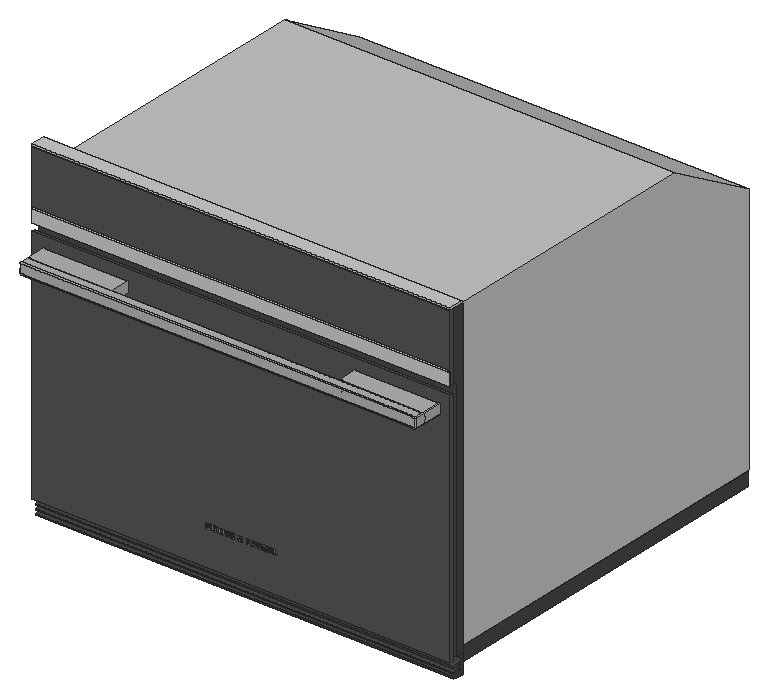
Revit family "FP_Revit_18_OS24NDB1_w_TK480NDB1_Steam_Oven_w_24in_Trimkit_90000815A", category Specialty Equipment, Revit 2018
Family settings
  Round Connector Dimension = Use Diameter
  Part Type = Normal
  OmniClass Number = 23.40.40.14.17.31
  OmniClass Title = Small Specialized Cooking Equipment
  Work Plane-Based = No
  Always vertical = Yes
  Cut with Voids When Loaded = Yes
  Shared = No
  Room Calculation Point = No
Parameters (values of type "OS24NDB1 + TK480NDB1")
  Visibility - Clearance Required = yes
  URL = "www.fisherpaykel.com"
  Product - Width = 596 mm  # constant formula
  Product - Height = 478 mm  # constant formula
  Product - Depth = 614 mm  # constant formula
  Model = "OS24NDB1 + TK480NDB1"
  Material - Trim = Fisher & Paykel - Stainless Steel
  Material - Structure = Fisher & Paykel - Black
  Material - Handle = Fisher & Paykel - Aluminium
  Material - Glass = Fisher & Paykel - Glass, Black
  Material - Body = Fisher & Paykel - Grey
  Manufacturer = "Fisher & Paykel Appliances"
  FFL Offset [instance] = 900 mm
  Description = "24\" Steam Oven + 24\" Trimkit"
  Connector Description - Electrical = "208 V or 240 V, 60 Hz, 10.8 or 12.5 A"
  Chassis - Width = 560 mm  # constant formula
  Chassis - Height = 466 mm  # constant formula
  Chassis - Depth = 542 mm  # constant formula
  Cavity - Width = 560 mm  # constant formula
  Cavity - Height = 480 mm  # constant formula
  Cavity - Depth = 560 mm  # constant formula
Reference planes
  plane 1 "Datum": y = 0
  plane 2: z = 0
  plane 3 "Center (Left/Right)": x = 0
  plane 4: z = 1380
  plane 5: z = 1378
  plane 6 "Product LHS": x = -298
  plane 7 "Product RHS": x = 298
  plane 8 "Product - Depth": y = 0
  plane 9 "Cavity LHS": x = -300
  plane 10 "Cavity RHS": x = 300
  plane 11 "Cavity - Depth": y = 560
  plane 12 "Chassis - Height": z = 0
  plane 13 "Product Depth": y = 542
  plane 14 "FFL Offset": z = 900
  plane 15 "Front": y = -22
Forms (mm)
  Extrusion 1, void
    sketch origin (0, 0, 0) x (0, 1, 0) y (0, 0, 1)
      loop
        line (-22, 1380) -> (-22, 900) -> (0, 900) -> (0, 1380) -> (-22, 1380)
    from -300 to 300
  Extrusion 2, void
    sketch origin (0, 0, 0) x (0, 1, 0) y (0, 0, 1)
      loop
        line (560, 1380) -> (0, 1380) -> (0, 900) -> (560, 900) -> (560, 1380)
    from -280 to 280
Text (mm)
  text "Due to ongoing product development, product details are subject to change without notice. \nPlease always refer to www.fisherpaykel.com for the most current product information. \n© Fisher & Paykel 2020" at (41.04, -413.295, 0), in view "Ref. Level (Plan)"
Dimensions and locks
  equal spacing: plane 6 "Product LHS", plane 3 "Center (Left/Right)", plane 7 "Product RHS"
  "Product - Width": plane 6 "Product LHS" to plane 7 "Product RHS"
  equal spacing: plane 9 "Cavity LHS", plane 3 "Center (Left/Right)", plane 10 "Cavity RHS"
  locked: plane 9 "Cavity LHS" to plane 10 "Cavity RHS" at 600
  "Chassis - Depth": plane 1 "Datum" to plane 13 "Product Depth"
  "FFL Offset": plane 14 "FFL Offset" to level
  "Cavity - Depth": plane 1 "Datum" to plane 11 "Cavity - Depth"
  "Product - Height": plane 5 to plane 14 "FFL Offset"
  "Cavity - Height": plane 4 to plane 14 "FFL Offset"
  "Cavity - Width": Extrusion 2 to Extrusion 2
  aligned and locked: level to plane 2
  aligned and locked: nested 2 to plane 8 "Product - Depth"
  aligned and locked: Extrusion 1 sketch curve to plane 8 "Product - Depth"
  aligned and locked: plane 14 "FFL Offset" to Extrusion 1 sketch curve
  aligned and locked: Extrusion 1 sketch curve to plane 4
  aligned and locked: Extrusion 1 to plane 10 "Cavity RHS"
  aligned and locked: plane 9 "Cavity LHS" to Extrusion 1
  aligned and locked: Extrusion 2 sketch curve to plane 8 "Product - Depth"
  aligned and locked: Extrusion 2 sketch curve to plane 14 "FFL Offset"
  aligned and locked: plane 11 "Cavity - Depth" to Extrusion 2 sketch curve
  aligned and locked: Extrusion 2 sketch curve to nested 2
  aligned and locked: nested 1 to plane 8 "Product - Depth"
  aligned and locked: Extrusion 1 to nested 1
  aligned and locked: plane 15 "Front" to Extrusion 1
Automatic sketch dimensions
  Extrusion 1 sketch curve to Extrusion 1 sketch curve = 22 mm
Nested families
  nested 1: "FP_Revit_18_OS24NDB1_Steam_Oven_90000815A" at (0, 0, 20), FFL Offset <- "FFL Offset", type "OS24NDB1"
    with FFL Offset 900 mm
  nested 2: "FP_Revit_18_TK480ND_Trimkits_90001188A" at (0, 0, 0), FFL Offset <- "FFL Offset", type "TK480NDB1"
    with FFL Offset 900 mm
Connectors
  electrical at (-193.854, 548.619, 959.454), driven by "Connector Description - Electrical"
    settings: on nested 1, index 1, voltage 120 V, apparent load 0 VA, apparent load phase1 0 VA, apparent load phase2 0 VA, apparent load phase3 0 VA, power factor 1, load classification "Other", number of poles 1, system type 30, power factor state 1, is connector primary yes, connector utility no, sub classification motor no, connector description "208 V or 240 V, 60 Hz, 10.8 or 12.5 A"
Definition of nested family "FP_Revit_18_OS24NDB1_Steam_Oven_90000815A"
  Parameters (values of type "OM24NDBB1")
    Visibility - Clearance Required = yes
    URL = "www.fisherpaykel.com"
    Product - Width = 596 mm  # constant formula
    Product - Height = 458 mm  # constant formula
    Product - Depth = 562 mm  # constant formula
    Model = "OM24NDBB1"
    Material - Trim = none
    Material - Structure = none
    Material - Handle = none
    Material - Glass = none
    Material - Body = none
    Manufacturer = "Fisher & Paykel Appliances"
    FFL Offset [instance] = 900 mm
    Description = "24\" Microwave Oven"
    Connector Description - Electrical = "120/240 V or 12/208 V, 60 Hz, 13 or 14 A"
    Chassis - Width = 556 mm  # constant formula
    Chassis - Height = 446 mm  # constant formula
    Chassis - Depth = 540 mm  # constant formula
    Cavity - Width = 600 mm  # constant formula
    Cavity - Height = 460 mm  # constant formula
    Cavity - Depth = 560 mm  # constant formula
  Types (4, lengths in mm): name | Model | Description | Connector Description - Electrical
    OS24NDB1 | "OS24NDB1" | "24\" Steam Oven" | "208 V or 240 V, 60 Hz, 10.8 or 12.5 A"
    OM24NDB1 | "OM24NDB1" | "24\" Microwave Oven" | "120/240 V or 12/208 V, 60 Hz, 13 or 14 A"
    OM24NDBB1 | "OM24NDBB1" | "24\" Microwave Oven" | "120/240 V or 12/208 V, 60 Hz, 13 or 14 A"
    OS24NDBB1 | "OS24NDBB1" | "24\" Steam Oven" | "208 V or 240 V, 60 Hz, 10.8 or 12.5 A"
  Reference planes
    plane 1 "Center (Front/Back)": y = 0
    plane 2: z = 0
    plane 3 "Center (Left/Right)": x = 0
    plane 4: z = 1360
    plane 5: z = 1358
    plane 6 "Product LHS": x = -298
    plane 7 "Product RHS": x = 298
    plane 8 "Product - Depth": y = 0
    plane 9 "Cavity LHS": x = -300
    plane 10 "Cavity RHS": x = 300
    plane 11 "Cavity - Depth": y = 560
    plane 12 "Front Face": y = -22
    plane 13 "Chassis - Height": z = 0
    plane 14 "Product Depth": y = 540
    plane 15 "FFL Offset": z = 900
  Forms (mm)
    Extrusion 1, solid, material <- "Material - Body"
      sketch origin (0, 0, 0) x (0, 1, 0) y (0, 0, 1)
        loop
          line (0, 1346) -> (0, 907.28) -> (5.16, 907.28) -> (5.16, 900) -> (534.187, 900) -> (534.187, 1257.991) -> (403.295, 1336.64) -> (24.316, 1336.64) -> (8.71, 1346) -> (0, 1346)
      from -278 to 278
    Extrusion 2, solid, material <- "Material - Structure", detail levels fine
      sketch origin (0, 0, 0) x (0, 1, 0) y (0, 0, 1)
        loop
          line (0, 1353.9) -> (-2, 1353.9) -> (-2, 1355) -> (-18, 1355) -> (-18, 1258) -> (-9.89, 1258) -> (-9.89, 907.28) -> (0, 907.28) -> (0, 1353.9)
      from -298 to 298
    Extrusion 3, solid, material <- "Material - Trim", detail levels fine
      sketch origin (0, 0, 0) x (0, 1, 0) y (0, 0, 1)
        loop
          line (-22, 1358) -> (-22, 1355) -> (-2, 1355) -> (-2, 1358) -> (-22, 1358)
      from -298 to 298
    Extrusion 4, solid, material <- "Material - Glass", detail levels fine
      sketch origin (0, 0, 0) x (0, 1, 0) y (0, 0, 1)
        loop
          line (-18, 1355) -> (-20.262, 1355)
          arc (-20.262, 1355) -> (-21.236, 1354.682) -> (-22, 1354) r 2.5
          line (-22, 1354) -> (-22, 1258) -> (-18, 1258) -> (-18, 1355)
      from -298 to 298
    Extrusion 5, solid, material <- "Material - Glass", detail levels fine
      sketch origin (0, 0, 0) x (0, 1, 0) y (0, 0, 1)
        loop
          line (-22, 1246.53) -> (-22, 904.53) -> (-18, 904.53) -> (-18, 1246.53) -> (-22, 1246.53)
      from -298 to 298
    Extrusion 6, solid, material <- "Material - Structure", detail levels fine
      sketch origin (0, 0, 0) x (0, 1, 0) y (0, 0, 1)
        loop
          line (-18, 1229.33) -> (-18, 907.28) -> (-9.89, 907.28) -> (-9.89, 1229.33) -> (-18, 1229.33)
      from -278 to 278
    Extrusion 7, void
      sketch origin (0, 0, 0) x (1, 0, 0) y (0, 0, 1)
        loop
          line (-158.462, 1052.91) -> (-229.24, 1052.91)
          arc (-229.24, 1052.91) -> (-232.776, 1051.446) -> (-234.24, 1047.91) r 5
          line (-234.24, 1047.91) -> (-234.24, 955.13)
          arc (-234.24, 955.13) -> (-232.776, 951.594) -> (-229.24, 950.13) r 5
          line (-229.24, 950.13) -> (-158.462, 950.13)
          arc (-158.462, 950.13) -> (-154.926, 951.594) -> (-153.462, 955.13) r 5
          line (-153.462, 955.13) -> (-153.462, 1047.91)
          arc (-153.462, 1047.91) -> (-154.926, 1051.446) -> (-158.462, 1052.91) r 5
      from -539.6 to -521.6
    Sweep 8, void
      path in 3D
        loop
          arc (-153.462, 521.6, 955.13) -> (-154.926, 521.6, 951.594) -> (-158.462, 521.6, 950.13) r 5
          line (-158.462, 521.6, 950.13) -> (-229.24, 521.6, 950.13)
          arc (-229.24, 521.6, 950.13) -> (-232.776, 521.6, 951.594) -> (-234.24, 521.6, 955.13) r 5
          line (-234.24, 521.6, 955.13) -> (-234.24, 521.6, 1047.91)
          arc (-234.24, 521.6, 1047.91) -> (-232.776, 521.6, 1051.446) -> (-229.24, 521.6, 1052.91) r 5
          line (-229.24, 521.6, 1052.91) -> (-158.462, 521.6, 1052.91)
          arc (-158.462, 521.6, 1052.91) -> (-154.926, 521.6, 1051.446) -> (-153.462, 521.6, 1047.91) r 5
          line (-153.462, 521.6, 1047.91) -> (-153.462, 521.6, 955.13)
      profile origin (-153.462, 521.6, 1001.52) x (-1, 0, 0) y (0, -1, 0)
        loop
          line (0, 0) -> (-21.3, -12.587) -> (0, -12.587) -> (0, 0)
    Extrusion 9, solid, material <- "Material - Body", detail levels medium+fine
      sketch origin (0, 0, -100) x (1, 0, 0) y (0, 0, 1)
        loop
          line (-175.354, 1115.273) -> (-212.354, 1115.273) -> (-212.354, 1057.273) -> (-175.354, 1057.273) -> (-175.354, 1115.273)
      from -540 to -521.6
    Extrusion 10, solid, material <- "Material - Trim", detail levels fine
      sketch origin (0, 0, 0) x (0, 1, 0) y (0, 0, 1)
        loop
          line (-22, 1258) -> (-22, 1277.8) -> (-22.8, 1277.8) -> (-23.7, 1275.5) -> (-23.7, 1258) -> (-22, 1258)
      from -298 to 298
    Extrusion 11, solid, visible <- "Visibility - Clearance Required", detail levels coarse
      sketch origin (0, 0, 0) x (1, 0, 0) y (0, 1, 0)
        loop
          line (-280, 0) -> (280, 0) -> (280, 548.619) -> (-280, 548.619) -> (-280, 0)
      from 900 to 1360
    Extrusion 12, solid, visible <- "Visibility - Clearance Required", detail levels coarse
      sketch origin (0, 0, 0) x (0, 1, 0) y (0, 0, 1)
        loop
          arc (-22, 1246.53) -> (-241.159, 1161.206) -> (-341.563, 948.532) r 317.644
          line (-341.563, 948.532) -> (-326.406, 946.445) -> (-332.106, 905.048) -> (-316.871, 902.951) -> (-311.171, 944.347) -> (-22, 904.53) -> (-22, 900) -> (0, 900) -> (0, 1360) -> (-22, 1360) -> (-22, 1246.53)
      from -300 to 300
    Sweep 13, solid, material <- "Material - Body", detail levels fine
      path origin (0, 0, -100) x (0, 1, 0) y (0, 0, 1)
        loop
          arc (530.8, 1057.273) -> (536.019, 1044.673) -> (548.619, 1039.454) r 17.819
      profile origin (0, 536.019, 944.673) x (0, 0.707107, 0.707107) y (1, 0, 0)
        loop
          circle (0, -193.854) r 5
    Extrusion 14, solid, material <- "Material - Glass", detail levels coarse+medium
      sketch origin (0, 0, 0) x (0, 1, 0) y (0, 0, 1)
        loop
          line (-22, 1358) -> (-22, 1258) -> (-9.89, 1258) -> (-9.89, 1229.33) -> (-18, 1229.33) -> (-18, 1246.53) -> (-22, 1246.53) -> (-22, 904.53) -> (-18, 904.53) -> (-18, 907.28) -> (0, 907.28) -> (0, 1353.9) -> (-2, 1353.9) -> (-2, 1358) -> (-22, 1358)
      from -298 to 298
    Extrusion 15, solid, material <- "Material - Body", not visible, detail levels medium+fine
      sketch origin (0, 0, 0) x (1, 0, 0) y (0, 0, 1)
        loop
          line (-175.354, 1115.273) -> (-212.354, 1115.273) -> (-212.354, 1057.273) -> (-175.354, 1057.273) -> (-175.354, 1115.273)
      from -540 to -521.6
    Sweep 16, solid, material <- "Material - Body", not visible, detail levels fine
      path origin (0, 0, 0) x (0, 1, 0) y (0, 0, 1)
        loop
          arc (530.8, 1057.273) -> (536.019, 1044.673) -> (548.619, 1039.454) r 17.819
      profile origin (0, 536.019, 1044.673) x (0, 0.707107, 0.707107) y (1, 0, 0)
        loop
          circle (0, -193.854) r 5
    Extrusion 17, void
      sketch origin (0, 0, 0) x (1, 0, 0) y (0, 1, 0)
        loop
          line (-280, 0) -> (280, 0) -> (280, 548.619) -> (-280, 548.619) -> (-280, 0)
      from 900 to 1360
    Extrusion 18, solid, visible <- "Visibility - Clearance Required", detail levels coarse
      sketch origin (0, 0, 0) x (0, 1, 0) y (0, 0, 1)
        loop
          arc (-22, 1246.53) -> (-241.159, 1161.206) -> (-341.563, 948.532) r 317.644
          line (-341.563, 948.532) -> (-326.406, 946.445) -> (-332.106, 905.048) -> (-316.871, 902.951) -> (-311.171, 944.347) -> (-22, 904.53) -> (-22, 900) -> (0, 900) -> (0, 1360) -> (-22, 1360) -> (-22, 1246.53)
      from -300 to 300
    Extrusion 19, void
      sketch origin (0, 0, 0) x (0, 1, 0) y (0, 0, 1)
        loop
          line (-22, 1360) -> (-22, 900) -> (0, 900) -> (0, 1360) -> (-22, 1360)
      from -300 to 300
  Cuts and joins
    Extrusion 7, Sweep 8 cuts Extrusion 1
    Extrusion 7 cuts Extrusion 2
    Extrusion 7 cuts Extrusion 5
    Extrusion 7 cuts Extrusion 6
  Lines and regions (mm)
    sketch lines
      curve 1: line (-153.462, 521.6, 1047.91) -> (-153.462, 521.6, 955.13)
      curve 2: arc (-153.462, 521.6, 1047.91) -> (-154.926, 521.6, 1051.446) -> (-158.462, 521.6, 1052.91) r 5
      curve 3: line (-229.24, 521.6, 1052.91) -> (-158.462, 521.6, 1052.91)
      curve 4: arc (-229.24, 521.6, 1052.91) -> (-232.776, 521.6, 1051.446) -> (-234.24, 521.6, 1047.91) r 5
      curve 5: line (-234.24, 521.6, 955.13) -> (-234.24, 521.6, 1047.91)
      curve 6: arc (-234.24, 521.6, 955.13) -> (-232.776, 521.6, 951.594) -> (-229.24, 521.6, 950.13) r 5
      curve 7: arc (-158.462, 521.6, 950.13) -> (-154.926, 521.6, 951.594) -> (-153.462, 521.6, 955.13) r 5
      curve 8: line (-158.462, 521.6, 950.13) -> (-229.24, 521.6, 950.13)
  Text (mm)
    text "Due to ongoing product development, product details are subject to change without notice. \nPlease always refer to www.fisherpaykel.com for the most current product information. \n© Fisher & Paykel 2020" at (41.04, -413.295, 0), in view "Ref. Level (Plan)"
  Dimensions and locks
    equal spacing: plane 6 "Product LHS", plane 3 "Center (Left/Right)", plane 7 "Product RHS"
    "Product - Width": plane 6 "Product LHS" to plane 7 "Product RHS"
    equal spacing: plane 9 "Cavity LHS", plane 3 "Center (Left/Right)", plane 10 "Cavity RHS"
    "Cavity - Width": plane 9 "Cavity LHS" to plane 10 "Cavity RHS"
    "Cavity - Depth": plane 11 "Cavity - Depth" to plane 1 "Center (Front/Back)"
    locked: plane 12 "Front Face" to plane 1 "Center (Front/Back)" at 22
    "Chassis - Depth": plane 1 "Center (Front/Back)" to plane 14 "Product Depth"
    Extrusion 1 sketch curve to plane 14 "Product Depth" = 5.813 mm
    equal spacing: cut or joined group of Extrusion 1, Extrusion 7, Sweep 8, plane 3 "Center (Left/Right)", cut or joined group of Extrusion 1, Extrusion 7, Sweep 8
    "Chassis - Width": cut or joined group of Extrusion 1, Extrusion 7, Sweep 8 to cut or joined group of Extrusion 1, Extrusion 7, Sweep 8
    "FFL Offset": plane 15 "FFL Offset" to level
    locked: nested 2 to plane 15 "FFL Offset" at 61.04
    locked: cut or joined group of Extrusion 1, Extrusion 7, Sweep 8 to plane 15 "FFL Offset" at 7.28
    locked: Extrusion 14 to plane 15 "FFL Offset" at 4.53
    locked: cut or joined group of Extrusion 1, Extrusion 7, Sweep 8 to plane 15 "FFL Offset" at 436.64
    "Chassis - Height": cut or joined group of Extrusion 1, Extrusion 7, Sweep 8 to plane 15 "FFL Offset"
    Extrusion 11 to plane 15 "FFL Offset" = 460 mm
    locked: plane 15 "FFL Offset" to Extrusion 9 at 57.273
    locked: plane 15 "FFL Offset" to cut or joined group of Extrusion 1, Extrusion 7, Sweep 8 at 50.13
    "Product - Height": plane 5 to plane 15 "FFL Offset"
    "Cavity - Height": plane 4 to plane 15 "FFL Offset"
    locked: nested 1 to plane 15 "FFL Offset" at 330.978
    locked: plane 5 to Extrusion 14 at 100
    locked: plane 5 to Extrusion 14 at 111.47
    locked: Extrusion 12 sketch curve to plane 15 "FFL Offset" at 4.53
    locked: plane 15 "FFL Offset" to Extrusion 7 sketch curve at 152.91
    locked: plane 15 "FFL Offset" to Extrusion 7 sketch curve at 50.13
    aligned and locked: level to plane 2
    aligned and locked: Extrusion 3 sketch curve to plane 5
    aligned and locked: plane 6 "Product LHS" to Extrusion 5
    aligned and locked: Extrusion 5 to plane 7 "Product RHS"
    aligned and locked: Extrusion 4 to plane 7 "Product RHS"
    aligned and locked: plane 6 "Product LHS" to Extrusion 4
    aligned and locked: plane 6 "Product LHS" to Extrusion 3
    aligned and locked: Extrusion 3 to plane 7 "Product RHS"
    aligned and locked: plane 6 "Product LHS" to Extrusion 2
    aligned and locked: Extrusion 2 to plane 7 "Product RHS"
    aligned and locked: plane 14 "Product Depth" to Extrusion 9
    aligned and locked: cut or joined group of Extrusion 1, Extrusion 7, Sweep 8 to Extrusion 9
    aligned and locked: Extrusion 10 to plane 7 "Product RHS"
    aligned and locked: plane 6 "Product LHS" to Extrusion 10
    aligned and locked: Extrusion 14 to plane 7 "Product RHS"
    aligned and locked: plane 6 "Product LHS" to Extrusion 14
    aligned and locked: Extrusion 1 to plane 15 "FFL Offset"
    aligned and locked: Extrusion 11 to cut or joined group of Extrusion 1, Extrusion 7, Sweep 8
    aligned and locked: Extrusion 14 to cut or joined group of Extrusion 1, Extrusion 7, Sweep 8
    aligned and locked: Extrusion 2 to cut or joined group of Extrusion 1, Extrusion 7, Sweep 8
    aligned and locked: Extrusion 6 to cut or joined group of Extrusion 1, Extrusion 7, Sweep 8
    aligned and locked: plane 5 to Extrusion 3
    aligned and locked: plane 5 to Extrusion 14
    aligned and locked: Extrusion 10 to Extrusion 4
    aligned and locked: Extrusion 14 to Extrusion 4
    aligned and locked: Extrusion 4 to cut or joined group of Extrusion 2, Extrusion 7
    aligned and locked: Extrusion 5 to Extrusion 14  (x2)
    aligned and locked: plane 4 to Extrusion 11
    aligned and locked: Extrusion 11 to Sweep 13
    aligned and locked: Extrusion 12 sketch curve to plane 15 "FFL Offset"
    aligned and locked: Extrusion 12 sketch curve to plane 4
    aligned and locked: plane 4 to Extrusion 17
    aligned and locked: Extrusion 17 to cut or joined group of Extrusion 1, Extrusion 7, Sweep 8
    aligned and locked: plane 15 "FFL Offset" to Extrusion 19 sketch curve
    aligned and locked: Extrusion 19 sketch curve to plane 4
  Automatic sketch dimensions
    Extrusion 9 sketch curve to Extrusion 9 sketch curve = 37 mm
    Extrusion 9 sketch curve to Extrusion 9 sketch curve = 58 mm
    Sweep 13 sketch curve to profile plane = 0 mm
    Sweep 13 sketch curve to Sweep 13 sketch curve = 17.819 mm
    Sweep 13 sketch curve to profile plane = 193.854 mm
    Extrusion 15 sketch curve to Extrusion 15 sketch curve = 37 mm
    Extrusion 15 sketch curve to Extrusion 15 sketch curve = 58 mm
    Sweep 16 sketch curve to profile plane = 0 mm
    Sweep 16 sketch curve to Sweep 16 sketch curve = 17.819 mm
    Sweep 16 sketch curve to profile plane = 193.854 mm
    Extrusion 1 sketch curve to plane 1 "Center (Front/Back)" = 0 mm
    Extrusion 1 sketch curve to plane 15 "FFL Offset" = 0 mm
    Extrusion 1 sketch curve to plane 1 "Center (Front/Back)" = 5.16 mm
    Extrusion 1 sketch curve to Extrusion 1 sketch curve = 8.71 mm
    Extrusion 1 sketch curve to Extrusion 1 sketch curve = 15.606 mm
    Extrusion 1 sketch curve to plane 5 = 21.36 mm
    Extrusion 1 sketch curve to plane 14 "Product Depth" = 136.705 mm
    Extrusion 1 sketch curve to Extrusion 1 sketch curve = 7.28 mm
    Extrusion 1 sketch curve to plane 5 = 100.009 mm
    Extrusion 1 sketch curve to plane 5 = 12 mm
    Extrusion 2 sketch curve to plane 1 "Center (Front/Back)" = 0 mm
    plane 1 "Center (Front/Back)" to Extrusion 2 sketch curve = 2 mm
    plane 1 "Center (Front/Back)" to Extrusion 2 sketch curve = 9.89 mm
    plane 12 "Front Face" to Extrusion 2 sketch curve = 4 mm
    plane 15 "FFL Offset" to Extrusion 2 sketch curve = 7.28 mm
    Extrusion 2 sketch curve to plane 5 = 100 mm
    Extrusion 2 sketch curve to plane 5 = 4.1 mm
    Extrusion 2 sketch curve to Extrusion 2 sketch curve = 1.1 mm
    Extrusion 3 sketch curve to plane 12 "Front Face" = 0 mm
    plane 1 "Center (Front/Back)" to Extrusion 3 sketch curve = 2 mm
    Extrusion 3 sketch curve to plane 5 = 3 mm
    Extrusion 4 sketch curve to plane 12 "Front Face" = 0 mm
    plane 12 "Front Face" to Extrusion 4 sketch curve = 1.738 mm
    plane 12 "Front Face" to Extrusion 4 sketch curve = 2.011 mm
    plane 12 "Front Face" to Extrusion 4 sketch curve = 4 mm
    Extrusion 4 sketch curve to plane 5 = 100 mm
    Extrusion 4 sketch curve to plane 5 = 5.485 mm
    Extrusion 4 sketch curve to Extrusion 4 sketch curve = 1.485 mm
    Extrusion 5 sketch curve to plane 12 "Front Face" = 0 mm
    plane 12 "Front Face" to Extrusion 5 sketch curve = 4 mm
    plane 15 "FFL Offset" to Extrusion 5 sketch curve = 4.53 mm
    Extrusion 5 sketch curve to plane 5 = 111.47 mm
    plane 12 "Front Face" to Extrusion 6 sketch curve = 4 mm
    Extrusion 6 sketch curve to Extrusion 6 sketch curve = 8.11 mm
    plane 15 "FFL Offset" to Extrusion 6 sketch curve = 7.28 mm
    Extrusion 6 sketch curve to plane 5 = 128.67 mm
    Extrusion 7 sketch curve to plane 6 "Product LHS" = 63.76 mm
    Extrusion 7 sketch curve to Extrusion 7 sketch curve = 5 mm  (x3)
    Extrusion 7 sketch curve to Extrusion 7 sketch curve = 70.778 mm  (x2)
    Sweep 8 sketch curve to profile plane = 0 mm  (x2)
    Sweep 8 sketch curve to profile plane = 21.3 mm
    profile plane to Sweep 8 sketch curve = 12.587 mm
    Extrusion 10 sketch curve to plane 12 "Front Face" = 0 mm
    Extrusion 10 sketch curve to Extrusion 10 sketch curve = 0.8 mm
    Extrusion 10 sketch curve to plane 12 "Front Face" = 1.7 mm
    Extrusion 10 sketch curve to plane 5 = 100 mm
    Extrusion 10 sketch curve to Extrusion 10 sketch curve = 17.5 mm
    Extrusion 10 sketch curve to Extrusion 10 sketch curve = 2.3 mm
    plane 1 "Center (Front/Back)" to Extrusion 11 sketch curve = 0 mm
    plane 14 "Product Depth" to Extrusion 11 sketch curve = 8.619 mm
    Extrusion 11 sketch curve to plane 6 "Product LHS" = 18 mm
    plane 7 "Product RHS" to Extrusion 11 sketch curve = 18 mm
    Extrusion 12 sketch curve to plane 12 "Front Face" = 0 mm  (x2)
    Extrusion 12 sketch curve to plane 1 "Center (Front/Back)" = 0 mm
    Extrusion 12 sketch curve to plane 12 "Front Face" = 2.526 mm
    plane 15 "FFL Offset" to Extrusion 12 sketch curve = 44.347 mm
    Extrusion 12 sketch curve to Extrusion 12 sketch curve = 286.644 mm
    plane 15 "FFL Offset" to Extrusion 12 sketch curve = 2.951 mm
    plane 15 "FFL Offset" to Extrusion 12 sketch curve = 46.445 mm
    Extrusion 12 sketch curve to Extrusion 12 sketch curve = 15.235 mm
    plane 15 "FFL Offset" to Extrusion 12 sketch curve = 48.532 mm
    Extrusion 12 sketch curve to Extrusion 12 sketch curve = 24.366 mm
    Extrusion 14 sketch curve to plane 5 = 0 mm
    Extrusion 14 sketch curve to plane 12 "Front Face" = 0 mm  (x2)
    Extrusion 14 sketch curve to plane 1 "Center (Front/Back)" = 0 mm
    plane 12 "Front Face" to Extrusion 14 sketch curve = 4 mm  (x2)
    plane 1 "Center (Front/Back)" to Extrusion 14 sketch curve = 9.89 mm
    plane 1 "Center (Front/Back)" to Extrusion 14 sketch curve = 2 mm
    Extrusion 14 sketch curve to plane 5 = 4.1 mm
    Extrusion 14 sketch curve to Extrusion 14 sketch curve = 95.9 mm
    Extrusion 14 sketch curve to Extrusion 14 sketch curve = 11.47 mm
    Extrusion 14 sketch curve to Extrusion 14 sketch curve = 17.2 mm
    plane 15 "FFL Offset" to Extrusion 14 sketch curve = 7.28 mm
    Extrusion 14 sketch curve to Extrusion 14 sketch curve = 2.75 mm
    plane 1 "Center (Front/Back)" to Extrusion 17 sketch curve = 0 mm
    plane 14 "Product Depth" to Extrusion 17 sketch curve = 8.619 mm
    Extrusion 17 sketch curve to plane 6 "Product LHS" = 18 mm
    plane 7 "Product RHS" to Extrusion 17 sketch curve = 18 mm
    Extrusion 18 sketch curve to plane 12 "Front Face" = 0 mm  (x2)
    Extrusion 18 sketch curve to plane 1 "Center (Front/Back)" = 0 mm
    Extrusion 18 sketch curve to plane 15 "FFL Offset" = 0 mm
    Extrusion 18 sketch curve to plane 4 = 0 mm
    Extrusion 18 sketch curve to plane 12 "Front Face" = 2.526 mm
    plane 15 "FFL Offset" to Extrusion 18 sketch curve = 44.347 mm
    Extrusion 18 sketch curve to Extrusion 18 sketch curve = 286.644 mm
    plane 15 "FFL Offset" to Extrusion 18 sketch curve = 2.951 mm
    Extrusion 18 sketch curve to Extrusion 18 sketch curve = 5.7 mm
    plane 15 "FFL Offset" to Extrusion 18 sketch curve = 46.445 mm
    Extrusion 18 sketch curve to Extrusion 18 sketch curve = 15.235 mm
    plane 15 "FFL Offset" to Extrusion 18 sketch curve = 48.532 mm
    Extrusion 18 sketch curve to Extrusion 18 sketch curve = 24.366 mm
    Extrusion 19 sketch curve to plane 12 "Front Face" = 0 mm
    Extrusion 19 sketch curve to plane 1 "Center (Front/Back)" = 0 mm
    radius of Sweep 13 sketch curve = 5 mm
    radius of Sweep 16 sketch curve = 5 mm
  Nested families
    nested 1: "F&P Handle Contemporary Square OB60-24" at (0, -22, 1223), type "Aluminium"
    nested 2: "F&P Logo 100mm" at (0, -22, 955), type "F&P Logo 100mm"
  Connectors
    electrical at (-193.854, 548.619, 939.454), driven by "Connector Description - Electrical"
      settings: on Sweep 13, index 1, voltage 120 V, apparent load 0 VA, apparent load phase1 0 VA, apparent load phase2 0 VA, apparent load phase3 0 VA, power factor 1, load classification none, number of poles 1, system type 30, power factor state 1, is connector primary yes, connector utility no, sub classification motor no, connector description "120/240 V or 12/208 V, 60 Hz, 13 or 14 A"
  Definition of nested family "F&P Handle Contemporary Square OB60-24"
    Parameters (values of type "Aluminium Dark")
      URL = "www.fisherpaykel.com"
      Material - Handle = none
      Manufacturer = "Fisher & Paykel Appliances"
      Handle - Length = 565 mm
    Types (2): name
      Aluminium
      Aluminium Dark
    Reference planes
      plane 1 "Center (Front/Back)": y = 0
      plane 2: z = 0
      plane 3 "Center (Left/Right)": x = 0
      plane 4 "Product LHS": x = -282.5
      plane 5 "Product RHS": x = 282.5
      plane 6 "LHS Standoff": x = -162.495
      plane 7 "RHS Standoff": x = 162.505
    Forms (mm)
      Extrusion 1, solid, material <- "Material - Handle", detail levels fine
        sketch origin (0, 0, 0) x (0, 1, 0) y (0, 0, 1)
          loop
            arc (-28.701, 7.561) -> (-29.057, 7.868) -> (-29.514, 7.978) r 1
            line (-29.514, 7.978) -> (-40.5, 7.978)
            arc (-40.5, 7.978) -> (-41.561, 7.539) -> (-42, 6.478) r 1.5
            line (-42, 6.478) -> (-42, -6.522)
            arc (-42, -6.522) -> (-41.561, -7.583) -> (-40.5, -8.022) r 1.5
            line (-40.5, -8.022) -> (-29.487, -8.022)
            arc (-29.487, -8.022) -> (-29.029, -7.911) -> (-28.673, -7.602) r 1
            arc (-28.673, -7.602) -> (-26.256, -0.016) -> (-28.701, 7.561) r 13.038
        from -282.5 to 282.5
      Extrusion 2, solid, material <- "Material - Handle", detail levels fine
        sketch origin (0, 0, 0) x (0, 1, 0) y (0, 0, 1)
          loop
            arc (-28.23, 7.062) -> (-26.156, 0.008) -> (-28.198, -7.056) r 13.136
            arc (-28.198, -7.056) -> (-28.21, -7.463) -> (-27.86, -7.67) r 0.4
            line (-27.86, -7.67) -> (0, -7.67) -> (0, 7.678) -> (-27.893, 7.678)
            arc (-27.893, 7.678) -> (-28.244, 7.47) -> (-28.23, 7.062) r 0.4
        from 162.505 to 282.5
      Extrusion 3, solid, material <- "Material - Handle", detail levels fine
        sketch origin (0, 0, 0) x (0, 1, 0) y (0, 0, -1)
          loop
            arc (-28.23, -7.062) -> (-28.244, -7.47) -> (-27.893, -7.678) r 0.4
            line (-27.893, -7.678) -> (0, -7.678) -> (0, 7.67) -> (-27.86, 7.67)
            arc (-27.86, 7.67) -> (-28.21, 7.463) -> (-28.198, 7.056) r 0.4
            arc (-28.198, 7.056) -> (-26.156, -0.008) -> (-28.23, -7.062) r 13.136
        from 162.495 to 282.5
      Sweep 4, void
        path in 3D
          loop
            line (282.5, -29.514, 7.978) -> (282.5, -40.5, 7.978)
            arc (282.5, -40.5, 7.978) -> (282.5, -41.561, 7.539) -> (282.5, -42, 6.478) r 1.5
            line (282.5, -42, 6.478) -> (282.5, -42, -6.522)
            arc (282.5, -42, -6.522) -> (282.5, -41.561, -7.583) -> (282.5, -40.5, -8.022) r 1.5
            line (282.5, -40.5, -8.022) -> (282.5, -29.487, -8.022)
        profile origin (282.5, -35.007, 7.978) x (1, 0, 0) y (0, 0, 1)
          loop
            line (0, 0) -> (-1.3, 0) -> (0, -1.3) -> (0, 0)
      Sweep 5, void
        path in 3D
          loop
            line (-282.5, -29.487, -8.022) -> (-282.5, -40.5, -8.022)
            arc (-282.5, -40.5, -8.022) -> (-282.5, -41.561, -7.583) -> (-282.5, -42, -6.522) r 1.5
            line (-282.5, -42, -6.522) -> (-282.5, -42, 6.478)
            arc (-282.5, -42, 6.478) -> (-282.5, -41.561, 7.539) -> (-282.5, -40.5, 7.978) r 1.5
            line (-282.5, -40.5, 7.978) -> (-282.5, -29.514, 7.978)
        profile origin (-282.5, -35.007, 7.978) x (-1, 0, 0) y (0, 0, 1)
          loop
            line (0, 0) -> (-1.3, 0) -> (0, -1.3) -> (0, 0)
      Extrusion 6, void
        sketch origin (0, 0, 0) x (1, 0, 0) y (0, 0, 1)
          loop
            line (282.5, 7.978) -> (281.2, 7.978) -> (282.5, 6.678) -> (282.5, 7.978)
          loop
            line (282.5, -8.022) -> (282.5, -6.722) -> (281.2, -8.022) -> (282.5, -8.022)
        from 0 to 40
      Extrusion 7, void
        sketch origin (0, 0, 0) x (1, 0, 0) y (0, 0, 1)
          loop
            line (-282.5, 7.978) -> (-282.5, 6.678) -> (-281.2, 7.978) -> (-282.5, 7.978)
          loop
            line (-282.5, -8.022) -> (-281.2, -8.022) -> (-282.5, -6.722) -> (-282.5, -8.022)
        from 0 to 40
      Extrusion 8, solid, material <- "Material - Handle", detail levels coarse+medium
        sketch origin (0, 0, 0) x (1, 0, 0) y (0, 1, 0)
          loop
            line (-282.5, -42) -> (282.5, -42) -> (282.5, 0) -> (162.505, 0) -> (162.505, -26.156) -> (-162.495, -26.156) -> (-162.495, 0) -> (-282.5, 0) -> (-282.5, -42)
        from -8.022 to 7.978
    Cuts and joins
      Sweep 4, Sweep 5, Extrusion 6, Extrusion 7 cuts Extrusion 1
      Extrusion 6 cuts Extrusion 2
      Extrusion 7 cuts Extrusion 3
    Lines and regions (mm)
      sketch lines
        curve 1: line (282.5, -29.514, 7.978) -> (282.5, -40.5, 7.978)
        curve 2: arc (282.5, -42, 6.478) -> (282.5, -41.561, 7.539) -> (282.5, -40.5, 7.978) r 1.5
        curve 3: line (282.5, -42, 6.478) -> (282.5, -42, -6.522)
        curve 4: arc (282.5, -40.5, -8.022) -> (282.5, -41.561, -7.583) -> (282.5, -42, -6.522) r 1.5
        curve 5: line (282.5, -40.5, -8.022) -> (282.5, -29.487, -8.022)
        curve 6: line (-282.5, -40.5, 7.978) -> (-282.5, -29.514, 7.978)
        curve 7: arc (-282.5, -40.5, 7.978) -> (-282.5, -41.561, 7.539) -> (-282.5, -42, 6.478) r 1.5
        curve 8: line (-282.5, -42, -6.522) -> (-282.5, -42, 6.478)
        curve 9: arc (-282.5, -42, -6.522) -> (-282.5, -41.561, -7.583) -> (-282.5, -40.5, -8.022) r 1.5
        curve 10: line (-282.5, -29.487, -8.022) -> (-282.5, -40.5, -8.022)
    Dimensions and locks
      equal spacing: plane 4 "Product LHS", plane 3 "Center (Left/Right)", plane 5 "Product RHS"
      "Handle - Length": plane 4 "Product LHS" to plane 5 "Product RHS"
      locked: plane 4 "Product LHS" to plane 6 "LHS Standoff" at 120.005
      locked: plane 7 "RHS Standoff" to plane 5 "Product RHS" at 119.995
      aligned and locked: level to plane 2
      aligned and locked: Extrusion 1 to plane 5 "Product RHS"
      aligned and locked: plane 4 "Product LHS" to Extrusion 1
      aligned and locked: Extrusion 2 to plane 5 "Product RHS"
      aligned and locked: plane 4 "Product LHS" to Extrusion 3
      aligned and locked: plane 4 "Product LHS" to Extrusion 8 sketch curve
      aligned and locked: Extrusion 8 sketch curve to plane 5 "Product RHS"
      aligned and locked: Extrusion 8 sketch curve to plane 7 "RHS Standoff"
      aligned and locked: plane 6 "LHS Standoff" to Extrusion 8 sketch curve
      aligned and locked: Extrusion 2 to plane 7 "RHS Standoff"
      aligned and locked: plane 6 "LHS Standoff" to Extrusion 3
    Automatic sketch dimensions
      Extrusion 1 sketch curve to level = 6.522 mm
      plane 1 "Center (Front/Back)" to Extrusion 1 sketch curve = 42 mm
      Extrusion 1 sketch curve to Extrusion 1 sketch curve = 1.5 mm  (x2)
      Extrusion 1 sketch curve to level = 0.04 mm
      Extrusion 1 sketch curve to Extrusion 1 sketch curve = 1.206 mm
      level to Extrusion 1 sketch curve = 6.978 mm
      Extrusion 1 sketch curve to Extrusion 1 sketch curve = 10.986 mm
      Extrusion 1 sketch curve to Extrusion 1 sketch curve = 11.013 mm
      Extrusion 1 sketch curve to Extrusion 1 sketch curve = 1 mm
      level to Extrusion 1 sketch curve = 6.478 mm
      Extrusion 1 sketch curve to Extrusion 1 sketch curve = 0 mm
      Extrusion 2 sketch curve to plane 1 "Center (Front/Back)" = 0 mm
      Extrusion 2 sketch curve to level = 7.67 mm
      Extrusion 2 sketch curve to Extrusion 2 sketch curve = 27.86 mm
      level to Extrusion 2 sketch curve = 7.678 mm
      Extrusion 2 sketch curve to Extrusion 2 sketch curve = 0.033 mm
      Extrusion 2 sketch curve to level = 0.022 mm
      Extrusion 2 sketch curve to Extrusion 2 sketch curve = 11.398 mm
      Extrusion 2 sketch curve to Extrusion 2 sketch curve = 0.4 mm  (x2)
      Extrusion 2 sketch curve to Extrusion 2 sketch curve = 0 mm
      Extrusion 3 sketch curve to plane 1 "Center (Front/Back)" = 0 mm
      Extrusion 3 sketch curve to level = 7.67 mm
      Extrusion 3 sketch curve to Extrusion 3 sketch curve = 27.86 mm
      level to Extrusion 3 sketch curve = 7.678 mm
      Extrusion 3 sketch curve to Extrusion 3 sketch curve = 0.033 mm
      Extrusion 3 sketch curve to level = 0.022 mm
      Extrusion 3 sketch curve to Extrusion 3 sketch curve = 11.398 mm
      Extrusion 3 sketch curve to Extrusion 3 sketch curve = 0.4 mm  (x2)
      Extrusion 3 sketch curve to Extrusion 3 sketch curve = 0 mm
      profile plane to Sweep 4 sketch curve = 0 mm
      Sweep 4 sketch curve to profile plane = 0 mm
      Sweep 4 sketch curve to profile plane = 1.3 mm
      profile plane to Sweep 4 sketch curve = 1.3 mm
      Sweep 5 sketch curve to profile plane = 0 mm  (x2)
      profile plane to Sweep 5 sketch curve = 1.3 mm
      Sweep 5 sketch curve to profile plane = 1.3 mm
      plane 5 "Product RHS" to Extrusion 6 sketch curve = 0 mm  (x2)
      Extrusion 6 sketch curve to Extrusion 6 sketch curve = 1.3 mm  (x4)
      Extrusion 6 sketch curve to level = 6.722 mm
      level to Extrusion 6 sketch curve = 6.678 mm
      plane 4 "Product LHS" to Extrusion 7 sketch curve = 0 mm  (x2)
      Extrusion 7 sketch curve to plane 4 "Product LHS" = 1.3 mm  (x2)
      Extrusion 7 sketch curve to level = 8.022 mm
      level to Extrusion 7 sketch curve = 6.678 mm
      Extrusion 7 sketch curve to Extrusion 7 sketch curve = 1.3 mm  (x2)
      plane 1 "Center (Front/Back)" to Extrusion 8 sketch curve = 0 mm  (x2)
      Extrusion 8 sketch curve to Extrusion 8 sketch curve = 26.156 mm
      Extrusion 8 sketch curve to Extrusion 8 sketch curve = 42 mm
  Definition of nested family "F&P Logo 100mm"
    Parameters (values of type "F&P Logo 100mm")
      URL = "www.fisherpaykel.com"
      Material - Logo = none
      Manufacturer = "Fisher & Paykel Appliances"
    Reference planes
      plane 1 "Center (Front/Back)": y = 0
      plane 2: z = 0
      plane 3 "Center (Left/Right)": x = 0
    Forms (mm)
      Extrusion 1, solid, material <- "Material - Logo", detail levels fine
        sketch origin (0, 0, 0) x (1, 0, 0) y (0, 0, 1)
          loop
            line (-50.044, 0) -> (-48.47, 0) -> (-48.47, 2.138) -> (-46.011, 2.138) -> (-46.011, 3.472) -> (-48.47, 3.472) -> (-48.47, 4.712) -> (-45.795, 4.712) -> (-45.795, 6.04) -> (-50.044, 6.04) -> (-50.044, 0)
          loop
            line (-42.804, 6.04) -> (-42.804, 0) -> (-41.23, 0) -> (-41.23, 6.04) -> (-42.804, 6.04)
          loop
            line (-30.724, 6.04) -> (-30.724, 0) -> (-29.151, 0) -> (-29.151, 2.42) -> (-26.839, 2.42) -> (-26.839, 0) -> (-25.265, 0) -> (-25.265, 6.04) -> (-26.839, 6.04) -> (-26.839, 3.748) -> (-29.151, 3.748) -> (-29.151, 6.04) -> (-30.724, 6.04)
          loop
            line (-21.906, 6.04) -> (-21.906, 0) -> (-17.602, 0) -> (-17.602, 1.328) -> (-20.347, 1.328) -> (-20.347, 2.42) -> (-17.838, 2.42) -> (-17.838, 3.748) -> (-20.347, 3.748) -> (-20.347, 4.712) -> (-17.602, 4.712) -> (-17.602, 6.04) -> (-21.906, 6.04)
          loop
            line (45.667, 6.04) -> (45.667, 0) -> (49.956, 0) -> (49.956, 1.328) -> (47.241, 1.328) -> (47.241, 6.04) -> (45.667, 6.04)
          loop
            line (42.431, 6.04) -> (38.112, 6.04) -> (38.112, 0) -> (42.431, 0) -> (42.431, 1.328) -> (39.687, 1.328) -> (39.687, 2.42) -> (42.195, 2.42) -> (42.195, 3.748) -> (39.687, 3.748) -> (39.687, 4.712) -> (42.431, 4.712) -> (42.431, 6.04)
          loop
            line (33.451, 3.148) -> (35.683, 6.04) -> (33.844, 6.04) -> (31.915, 3.542) -> (31.915, 6.04) -> (30.342, 6.04) -> (30.342, 0) -> (31.915, 0) -> (31.915, 2.705) -> (33.903, 0) -> (35.763, 0) -> (33.451, 3.148)
          loop
            line (21.98, 6.04) -> (24.262, 2.42) -> (24.262, 0) -> (25.837, 0) -> (25.837, 2.341) -> (28.119, 6.04) -> (26.446, 6.04) -> (25.099, 3.707) -> (23.753, 6.04) -> (21.98, 6.04)
          loop
            line (18.479, 6.04) -> (16.983, 6.04) -> (14.524, 0) -> (16.069, 0) -> (16.501, 1.112) -> (18.921, 1.112) -> (19.354, 0) -> (20.938, 0) -> (18.479, 6.04)
          loop
            line (18.4, 2.439) -> (17.693, 4.174) -> (17.018, 2.439) -> (18.4, 2.439)
          loop
            line (8.031, 6.04) -> (8.031, 0) -> (9.605, 0) -> (9.605, 1.938) -> (10.599, 1.938)
            arc (10.599, 1.938) -> (12.65, 3.989) -> (10.599, 6.04) r 2.051
            line (10.599, 6.04) -> (8.031, 6.04)
          loop
            line (9.605, 4.712) -> (9.605, 3.197) -> (10.501, 3.197)
            arc (10.501, 3.197) -> (11.259, 3.954) -> (10.501, 4.712) r 0.757
            line (10.501, 4.712) -> (9.605, 4.712)
          loop
            line (-11.783, 6.04) -> (-14.366, 6.04) -> (-14.366, 0) -> (-12.792, 0) -> (-12.792, 1.336) -> (-11.992, 1.336) -> (-10.972, 0) -> (-9.153, 0) -> (-10.694, 1.973)
            arc (-10.694, 1.973) -> (-9.678, 4.424) -> (-11.783, 6.04) r 2.179
          loop
            line (-11.897, 4.712) -> (-12.792, 4.712) -> (-12.792, 3.053) -> (-11.897, 3.053)
            arc (-11.897, 3.053) -> (-11.068, 3.882) -> (-11.897, 4.712) r 0.83
          loop
            line (0.477, 4.712) -> (0.477, 6.153) -> (-3.575, 6.153) -> (-3.575, 4.851) -> (-2.974, 4.112)
            arc (-2.974, 4.112) -> (-3.51, 0.684) -> (-0.045, 0.512) r 2.334
            line (-0.045, 0.512) -> (0.46, -0.109) -> (2.246, -0.109) -> (0.86, 1.594) -> (2.061, 3.324) -> (0.443, 3.324) -> (-0.013, 2.667) -> (-1.677, 4.712) -> (0.477, 4.712)
          loop
            arc (-2.125, 3.068) -> (-2.269, 1.668) -> (-0.868, 1.524) r 0.996
            line (-0.868, 1.524) -> (-2.125, 3.068)
          loop
            line (-35.18, 3.634) -> (-36.516, 3.91)
            arc (-36.516, 3.91) -> (-37.049, 4.443) -> (-36.516, 4.976) r 0.533
            arc (-36.516, 4.976) -> (-35.235, 4.79) -> (-34.059, 4.248) r 4.505
            line (-34.059, 4.248) -> (-34.059, 5.743)
            arc (-34.059, 5.743) -> (-35.549, 6.179) -> (-37.1, 6.109) r 4.726
            arc (-37.1, 6.109) -> (-38.536, 4.335) -> (-37.1, 2.561) r 1.814
            line (-37.1, 2.561) -> (-35.754, 2.282)
            arc (-35.754, 2.282) -> (-35.221, 1.749) -> (-35.754, 1.216) r 0.533
            arc (-35.754, 1.216) -> (-37.035, 1.402) -> (-38.211, 1.945) r 4.505
            line (-38.211, 1.945) -> (-38.211, 0.449)
            arc (-38.211, 0.449) -> (-36.72, 0.013) -> (-35.169, 0.083) r 4.726
            arc (-35.169, 0.083) -> (-33.734, 1.863) -> (-35.18, 3.634) r 1.814
        from 0 to 0.8
    Dimensions and locks
      aligned and locked: level to plane 2
Definition of nested family "FP_Revit_18_TK480ND_Trimkits_90001188A"
  Parameters (values of type "TK480NDB1")
    Visibility - Clearance Required = yes
    URL = "www.fisherpaykel.com"
    Product - Width = 596 mm  # constant formula
    Product - Height = 478 mm  # constant formula
    Product - Depth = 551.5 mm  # constant formula
    Model = "TK480NDB1"
    Material - Body = none
    Manufacturer = "Fisher & Paykel Appliances"
    FFL Offset [instance] = 860 mm
    Description = "24\"/60cm Trim Kit"
    Chassis - Width = 560 mm  # constant formula
    Chassis - Height = 20 mm  # constant formula
    Chassis - Depth = 530 mm  # constant formula
    Cavity - Width = 600 mm  # constant formula
    Cavity - Height = 480 mm  # constant formula
    Cavity - Depth = 560 mm  # constant formula
  Reference planes
    plane 1 "Center (Front/Back)": y = 0
    plane 2: z = 0
    plane 3 "Center (Left/Right)": x = 0
    plane 4 "Cavity - Height": z = 1340
    plane 5 "Product - Height": z = 1338
    plane 6 "Product - Depth": y = 530
    plane 7 "Cavity - Depth": y = 560
    plane 8 "Chassis - Height": z = 880
    plane 9 "FFL Offset": z = 860
    plane 10 "Product - RHS": x = 298
    plane 11 "Cavity - RHS": x = 300
    plane 12 "Product - LHS": x = -298
    plane 13 "Cavity - LHS": x = -300
    plane 14 "Front - Face": y = -21.5
  Forms (mm)
    Extrusion 1, solid, material <- "Material - Body"
      sketch origin (0, 23.5, 0) x (1, 0, 0) y (0, 0, 1)
        loop
          line (280, 880) -> (200, 880) -> (200, 861) -> (176, 861) -> (176, 860) -> (280, 860) -> (280, 880)
        loop
          line (-280, 880) -> (-280, 860) -> (-176, 860) -> (-176, 861) -> (-200, 861) -> (-200, 880) -> (-280, 880)
      from -506.5 to 0
    Extrusion 2, solid, material <- "Material - Body", detail levels fine
      sketch origin (0, 23.5, 15) x (0, 1, 0) y (0, 0, 1)
        loop
          line (-23.654, 865) -> (-39.5, 861.049) -> (-39.5, 858.901) -> (-26, 862.392) -> (-26, 858.092) -> (-39.5, 854.601) -> (-39.5, 852.601) -> (-26, 856.092) -> (-26, 851.848) -> (-39.5, 848.356) -> (-39.5, 846.348) -> (-34.47, 845) -> (0, 845) -> (0, 865) -> (-23.654, 865)
      from -298 to 298
    Extrusion 3, void
      sketch origin (0, 23.5, 0) x (1, 0, 0) y (0, 1, 0)
        loop
          circle (-270, 70) r 5
        loop
          circle (-270, 460) r 5
        loop
          circle (270, 70) r 5
        loop
          circle (270, 460) r 5
      from 860 to 880
    Extrusion 4, void
      sketch origin (0, 23.5, 0) x (0, 1, 0) y (0, 0, 1)
        loop
          circle (460, 870) r 5
        loop
          circle (70, 870) r 5
      from -225 to 225
    Extrusion 5, solid, visible <- "Visibility - Clearance Required", detail levels coarse
      sketch origin (0, 0, 0) x (1, 0, 0) y (0, 1, 0)
        loop
          line (-280, 0) -> (280, 0) -> (280, 560) -> (-280, 560) -> (-280, 0)
      from 860 to 1330
    Extrusion 6, solid, visible <- "Visibility - Clearance Required", detail levels coarse
      sketch origin (0, 0, 0) x (1, 0, 0) y (0, 1, 0)
        loop
          line (-300, 0) -> (-300, -21.5) -> (300, -21.5) -> (300, 0) -> (-300, 0)
      from 860 to 1340
    Extrusion 7, void
      sketch origin (0, 0, 0) x (1, 0, 0) y (0, 1, 0)
        loop
          line (-280, 560) -> (-280, 0) -> (280, 0) -> (280, 560) -> (-280, 560)
      from 860 to 1330
    Extrusion 8, void
      sketch origin (0, 0, 0) x (1, 0, 0) y (0, 1, 0)
        loop
          line (-300, -21.5) -> (300, -21.5) -> (300, 0) -> (-300, 0) -> (-300, -21.5)
      from 860 to 1340
    Extrusion 9, solid, material <- "Material - Body", detail levels coarse+medium
      sketch origin (0, 23.5, 0) x (0, 1, 0) y (0, 0, 1)
        loop
          line (-39.5, 880) -> (-39.5, 860) -> (0, 860) -> (0, 880) -> (-39.5, 880)
      from -298 to 298
    Extrusion 10, void
      sketch origin (0, 23.5, 0) x (1, 0, 0) y (0, 1, 0)
        loop
          line (298, 0) -> (280, 0) -> (280, -23.5) -> (298, -23.5) -> (298, 0)
        loop
          line (-298, 0) -> (-298, -23.5) -> (-280, -23.5) -> (-280, 0) -> (-298, 0)
      from 860 to 880
  Cuts and joins
    Extrusion 3, Extrusion 4 cuts Extrusion 1
    Extrusion 10 cuts Extrusion 9
    Extrusion 10 cuts Extrusion 2
  Text (mm)
    text "Due to ongoing product development, product details are subject to change without notice. \nPlease always refer to www.fisherpaykel.com for the most current product information. \n© Fisher & Paykel 2020" at (41.04, -248.295, 0), in view "Ref. Level (Plan)"
  Dimensions and locks
    "Cavity - Depth": plane 7 "Cavity - Depth" to plane 1 "Center (Front/Back)"
    "Chassis - Depth": plane 6 "Product - Depth" to plane 1 "Center (Front/Back)"
    equal spacing: Extrusion 5, plane 3 "Center (Left/Right)", Extrusion 5
    "Chassis - Width": Extrusion 5 to Extrusion 5
    "Chassis - Height": plane 9 "FFL Offset" to plane 8 "Chassis - Height"
    "Product - Height": plane 5 "Product - Height" to plane 9 "FFL Offset"
    "Cavity - Height": plane 4 "Cavity - Height" to plane 9 "FFL Offset"
    Extrusion 4 sketch curve to plane 9 "FFL Offset" = 10 mm
    locked: plane 5 "Product - Height" to Extrusion 7 at 8
    "FFL Offset": plane 9 "FFL Offset" to level
    cut or joined group of Extrusion 1, Extrusion 3, Extrusion 4 to plane 9 "FFL Offset" = 10 mm
    equal spacing: plane 12 "Product - LHS", plane 3 "Center (Left/Right)", plane 10 "Product - RHS"
    equal spacing: plane 13 "Cavity - LHS", plane 3 "Center (Left/Right)", plane 11 "Cavity - RHS"
    "Cavity - Width": plane 13 "Cavity - LHS" to plane 11 "Cavity - RHS"
    "Product - Width": plane 12 "Product - LHS" to plane 10 "Product - RHS"
    locked: Extrusion 7 to plane 9 "FFL Offset" at 470
    "Product - Depth": cut or joined group of Extrusion 1, Extrusion 3, Extrusion 4 to plane 14 "Front - Face"
    locked: plane 14 "Front - Face" to plane 1 "Center (Front/Back)" at 21.5
    aligned and locked: level to plane 2
    aligned and locked: Extrusion 1 to plane 6 "Product - Depth"
    aligned and locked: plane 4 "Cavity - Height" to Extrusion 6
    aligned and locked: plane 4 "Cavity - Height" to Extrusion 8
    aligned and locked: plane 9 "FFL Offset" to Extrusion 1 sketch curve
    aligned and locked: plane 8 "Chassis - Height" to Extrusion 1 sketch curve
    aligned and locked: Extrusion 1 sketch curve to plane 8 "Chassis - Height"
    aligned and locked: Extrusion 1 sketch curve to plane 9 "FFL Offset"
    aligned and locked: Extrusion 5 to cut or joined group of Extrusion 1, Extrusion 3, Extrusion 4
    aligned and locked: Extrusion 5 to Extrusion 7
    aligned and locked: Extrusion 1 to Extrusion 3  (x2)
    aligned and locked: Extrusion 7 to cut or joined group of Extrusion 1, Extrusion 3, Extrusion 4
    aligned and locked: Extrusion 2 sketch curve to plane 8 "Chassis - Height"
    aligned and locked: Extrusion 2 sketch curve to plane 9 "FFL Offset"
    aligned and locked: Extrusion 8 to Extrusion 2
    aligned and locked: Extrusion 8 to cut or joined group of Extrusion 1, Extrusion 3, Extrusion 4
    aligned and locked: Extrusion 6 to Extrusion 2
    aligned and locked: Extrusion 9 sketch curve to Extrusion 5
    aligned and locked: plane 13 "Cavity - LHS" to Extrusion 8
    aligned and locked: plane 11 "Cavity - RHS" to Extrusion 8
    aligned and locked: plane 13 "Cavity - LHS" to Extrusion 6
    aligned and locked: plane 12 "Product - LHS" to Extrusion 2
    aligned and locked: Extrusion 6 to plane 11 "Cavity - RHS"
    aligned and locked: Extrusion 9 to plane 10 "Product - RHS"
    aligned and locked: Extrusion 2 to plane 10 "Product - RHS"
    aligned and locked: Extrusion 10 sketch curve to Extrusion 7
    aligned and locked: Extrusion 10 sketch curve to Extrusion 10 sketch curve
    aligned and locked: Extrusion 7 to Extrusion 10 sketch curve
    aligned and locked: Extrusion 10 to plane 9 "FFL Offset"
    aligned and locked: Extrusion 10 to plane 8 "Chassis - Height"
    aligned and locked: plane 14 "Front - Face" to Extrusion 8
    aligned and locked: plane 14 "Front - Face" to Extrusion 6
  Automatic sketch dimensions
    Extrusion 3 sketch curve to plane 1 "Center (Front/Back)" = 93.5 mm  (x2)
    Extrusion 3 sketch curve to plane 6 "Product - Depth" = 46.5 mm  (x2)
    Extrusion 5 sketch curve to plane 7 "Cavity - Depth" = 0 mm
    plane 1 "Center (Front/Back)" to Extrusion 5 sketch curve = 0 mm
    plane 1 "Center (Front/Back)" to Extrusion 6 sketch curve = 0 mm
    plane 1 "Center (Front/Back)" to Extrusion 7 sketch curve = 0 mm
    Extrusion 7 sketch curve to plane 7 "Cavity - Depth" = 0 mm
    Extrusion 8 sketch curve to Extrusion 8 sketch curve = 21.5 mm
    plane 9 "FFL Offset" to Extrusion 1 sketch curve = 1 mm  (x2)
    Extrusion 1 sketch curve to Extrusion 1 sketch curve = 80 mm  (x2)
    Extrusion 1 sketch curve to Extrusion 1 sketch curve = 24 mm  (x2)
    plane 3 "Center (Left/Right)" to Extrusion 1 sketch curve = 176 mm
    plane 8 "Chassis - Height" to Extrusion 2 sketch curve = 2.608 mm
    Extrusion 2 sketch curve to Extrusion 2 sketch curve = 2.346 mm
    Extrusion 2 sketch curve to Extrusion 2 sketch curve = 0 mm  (x3)
    plane 9 "FFL Offset" to Extrusion 2 sketch curve = 1.348 mm
    Extrusion 2 sketch curve to Extrusion 2 sketch curve = 2.009 mm
    plane 9 "FFL Offset" to Extrusion 2 sketch curve = 6.848 mm
    Extrusion 2 sketch curve to Extrusion 2 sketch curve = 4.244 mm  (x2)
    Extrusion 2 sketch curve to Extrusion 2 sketch curve = 2 mm  (x2)
    Extrusion 2 sketch curve to Extrusion 2 sketch curve = 4.3 mm
    Extrusion 2 sketch curve to Extrusion 2 sketch curve = 2.148 mm
    Extrusion 4 sketch curve to plane 6 "Product - Depth" = 46.5 mm
    plane 8 "Chassis - Height" to Extrusion 4 sketch curve = 10 mm
    Extrusion 4 sketch curve to plane 1 "Center (Front/Back)" = 93.5 mm
    plane 3 "Center (Left/Right)" to Extrusion 3 sketch curve = 270 mm  (x2)
    plane 3 "Center (Left/Right)" to Extrusion 5 sketch curve = 280 mm
    plane 3 "Center (Left/Right)" to Extrusion 6 sketch curve = 300 mm
    plane 3 "Center (Left/Right)" to Extrusion 7 sketch curve = 280 mm
    plane 3 "Center (Left/Right)" to Extrusion 8 sketch curve = 300 mm
    Extrusion 1 sketch curve to plane 3 "Center (Left/Right)" = 176 mm
    Extrusion 3 sketch curve to plane 3 "Center (Left/Right)" = 270 mm  (x2)
    Extrusion 5 sketch curve to plane 3 "Center (Left/Right)" = 280 mm
    Extrusion 6 sketch curve to plane 3 "Center (Left/Right)" = 300 mm
    Extrusion 7 sketch curve to plane 3 "Center (Left/Right)" = 280 mm
    Extrusion 8 sketch curve to plane 3 "Center (Left/Right)" = 300 mm
    plane 8 "Chassis - Height" to Extrusion 9 sketch curve = 0 mm
    Extrusion 10 sketch curve to plane 12 "Product - LHS" = 0 mm
    Extrusion 10 sketch curve to plane 10 "Product - RHS" = 0 mm
    Extrusion 2 sketch curve to plane 1 "Center (Front/Back)" = 23.5 mm
    Extrusion 9 sketch curve to plane 1 "Center (Front/Back)" = 23.5 mm
    Extrusion 10 sketch curve to Extrusion 10 sketch curve = 23.5 mm  (x2)
    plane 1 "Center (Front/Back)" to Extrusion 2 sketch curve = 0.154 mm
    Extrusion 2 sketch curve to Extrusion 2 sketch curve = 8.47 mm
    Extrusion 2 sketch curve to Extrusion 2 sketch curve = 5.03 mm
    plane 1 "Center (Front/Back)" to Extrusion 6 sketch curve = 21.5 mm
    plane 1 "Center (Front/Back)" to Extrusion 8 sketch curve = 0 mm
    plane 1 "Center (Front/Back)" to Extrusion 9 sketch curve = 16 mm
    plane 1 "Center (Front/Back)" to Extrusion 10 sketch curve = 0 mm
    radius of Extrusion 3 sketch curve = 5 mm  (x4)
    radius of Extrusion 4 sketch curve = 5 mm  (x2)
